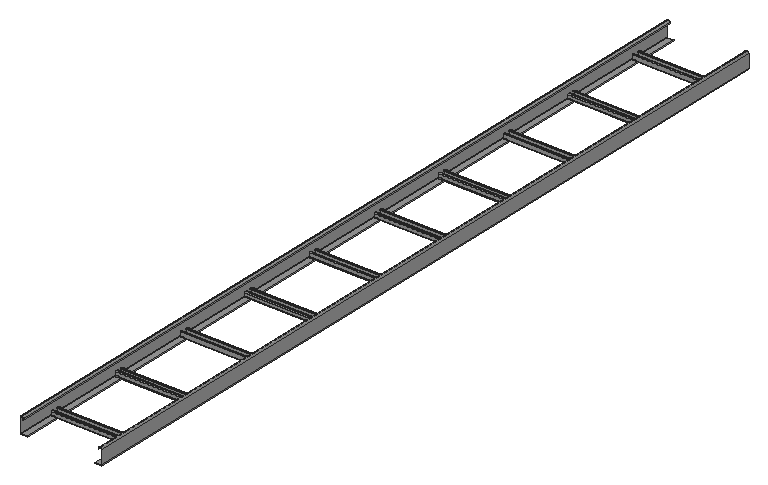
Revit family "LLIS 630 3 FS_FT Kabelleiter, gelocht", category Generic Models, Revit 2017
Family settings
  Can host rebar = No
  Round Connector Dimension = Use Diameter
  Part Type = Normal
  Work Plane-Based = No
  Always vertical = Yes
  Cut with Voids When Loaded = No
  Shared = No
  Room Calculation Point = No
Parameters (values of type "LLIS 630 3 FT")
  Width = 304.303 mm
  URL = "http://www.obo-bettermann.com"
  Material = Hot dip galvanised
  Manufacturer Art.No. = "6209572"
  Manufacturer = "OBO BETTERMANN"
  GTIN = "4012196773138"
  Cut's number 3 = 40
  Cut's number = 10
  Article Type = "LLIS 630 3 FT"
Types (3, lengths in mm): name | Width | Manufacturer Art.No. | GTIN | Article Type
  (no name) | 304.303 | "6209572" | "4012196773138" | "LLIS 630 3 FT"
  LLIS 630 3 FS | 303.977 | "6209552" | "4012196772599" | "LLIS 630 3 FS"
  LLIS 630 3 FT | 304.303 | "6209572" | "4012196773138" | "LLIS 630 3 FT"
Reference planes
  plane 1 "Center (Front/Back)": y = 0
  plane 2: z = 0
  plane 3 "Center (Left/Right)": x = 0
  plane 4: x = 200
  plane 5: z = 60
  plane 6: x = 12
  plane 7: x = 188
  plane 8: z = 51
  plane 9: z = 51
  plane 10: z = 55.5
  plane 11: z = 55.5
  plane 12: y = 3000
  plane 13: y = 150
  plane 14: y = 135
  plane 15: y = 165
  plane 16: z = 19
  plane 17: x = 196.902
  plane 18: x = 199
  plane 19: x = 199.967
  plane 20: x = 0
  plane 21: x = -104.335
  plane 22: x = -101.335
  plane 23: y = 450
  plane 24: y = 435
  plane 25: y = 465
  plane 26: z = 19
  plane 27: y = 750
  plane 28: y = 735
  plane 29: y = 765
  plane 30: z = 19
  plane 31: y = 1050
  plane 32: y = 1035
  plane 33: y = 1065
  plane 34: z = 19
  plane 35: y = 1350
  plane 36: y = 1335
  plane 37: y = 1365
  plane 38: z = 19
  plane 39: y = 1650
  plane 40: y = 1635
  plane 41: y = 1665
  plane 42: z = 19
  plane 43: y = 1950
  plane 44: y = 1935
  plane 45: y = 1965
  plane 46: z = 19
  plane 47: y = 2250
  plane 48: y = 2235
  plane 49: y = 2265
  plane 50: z = 19
  plane 51: y = 2550
  plane 52: y = 2535
  plane 53: y = 2565
  plane 54: z = 19
  plane 55: y = 2850
  plane 56: y = 2835
  plane 57: y = 2865
  plane 58: z = 19
Forms (mm)
  Extrusion 1, solid, material "Hot dip galvanised" <- "Material"
    sketch origin (0, 0, 0) x (1, 0, 0) y (0, 0, 1)
      loop
        line (-104.303, 54.006) -> (-104.303, 2)
        arc (-104.303, 2) -> (-103.717, 0.586) -> (-102.303, 0) r 2
        line (-102.303, 0) -> (-77.328, 0) -> (-77.328, 1) -> (-102.303, 1)
        arc (-102.303, 1) -> (-103.01, 1.293) -> (-103.303, 2) r 1
        line (-103.303, 2) -> (-103.303, 54.006)
        arc (-103.303, 54.006) -> (-98.303, 59.006) -> (-93.303, 54.006) r 5
        line (-93.303, 54.006) -> (-93.303, 51) -> (-92.303, 51) -> (-92.303, 54.006)
        arc (-92.303, 54.006) -> (-98.303, 60.006) -> (-104.303, 54.006) r 6
      loop
        line (200, 2) -> (200, 53.941)
        arc (200, 53.941) -> (194, 59.941) -> (188, 53.941) r 6
        line (188, 53.941) -> (188, 51) -> (189, 51) -> (189, 53.941)
        arc (189, 53.941) -> (194, 58.941) -> (199, 53.941) r 5
        line (199, 53.941) -> (199, 2)
        arc (199, 2) -> (198.707, 1.293) -> (198, 1) r 1
        line (198, 1) -> (172.972, 1) -> (172.972, 0) -> (198, 0)
        arc (198, 0) -> (199.414, 0.586) -> (200, 2) r 2
    from 0 to -3000
  Extrusion 2, solid, material "Hot dip galvanised" <- "Material"
    sketch origin (-0.065, 0, 0) x (0, 1, 0) y (0, 0, 1)
      loop
        line (137, 1) -> (163, 1)
        arc (163, 1) -> (164.414, 1.586) -> (165, 3) r 2
        line (165, 3) -> (165, 17)
        arc (165, 17) -> (164.414, 18.414) -> (163, 19) r 2
        line (163, 19) -> (158.5, 19) -> (158.5, 18) -> (163, 18)
        arc (163, 18) -> (163.707, 17.707) -> (164, 17) r 1
        line (164, 17) -> (164, 3)
        arc (164, 3) -> (163.707, 2.293) -> (163, 2) r 1
        line (163, 2) -> (137, 2)
        arc (137, 2) -> (136.293, 2.293) -> (136, 3) r 1
        line (136, 3) -> (136, 17)
        arc (136, 17) -> (136.293, 17.707) -> (137, 18) r 1
        line (137, 18) -> (141.517, 18) -> (141.517, 19) -> (137, 19)
        arc (137, 19) -> (135.586, 18.414) -> (135, 17) r 2
        line (135, 17) -> (135, 3)
        arc (135, 3) -> (135.586, 1.586) -> (137, 1) r 2
    from -97.033 to 196.967
  Extrusion 3, solid, material "Hot dip galvanised" <- "Material"
    sketch origin (-0.058, 300, 0) x (0, 1, 0) y (0, 0, 1)
      loop
        line (137, 1) -> (163, 1)
        arc (163, 1) -> (164.414, 1.586) -> (165, 3) r 2
        line (165, 3) -> (165, 17)
        arc (165, 17) -> (164.414, 18.414) -> (163, 19) r 2
        line (163, 19) -> (158.5, 19) -> (158.5, 18) -> (163, 18)
        arc (163, 18) -> (163.707, 17.707) -> (164, 17) r 1
        line (164, 17) -> (164, 3)
        arc (164, 3) -> (163.707, 2.293) -> (163, 2) r 1
        line (163, 2) -> (137, 2)
        arc (137, 2) -> (136.293, 2.293) -> (136, 3) r 1
        line (136, 3) -> (136, 17)
        arc (136, 17) -> (136.293, 17.707) -> (137, 18) r 1
        line (137, 18) -> (141.517, 18) -> (141.517, 19) -> (137, 19)
        arc (137, 19) -> (135.586, 18.414) -> (135, 17) r 2
        line (135, 17) -> (135, 3)
        arc (135, 3) -> (135.586, 1.586) -> (137, 1) r 2
    from -97.033 to 196.967
  Extrusion 4, solid, material "Hot dip galvanised" <- "Material"
    sketch origin (-0.051, 600, 0) x (0, 1, 0) y (0, 0, 1)
      loop
        line (137, 1) -> (163, 1)
        arc (163, 1) -> (164.414, 1.586) -> (165, 3) r 2
        line (165, 3) -> (165, 17)
        arc (165, 17) -> (164.414, 18.414) -> (163, 19) r 2
        line (163, 19) -> (158.5, 19) -> (158.5, 18) -> (163, 18)
        arc (163, 18) -> (163.707, 17.707) -> (164, 17) r 1
        line (164, 17) -> (164, 3)
        arc (164, 3) -> (163.707, 2.293) -> (163, 2) r 1
        line (163, 2) -> (137, 2)
        arc (137, 2) -> (136.293, 2.293) -> (136, 3) r 1
        line (136, 3) -> (136, 17)
        arc (136, 17) -> (136.293, 17.707) -> (137, 18) r 1
        line (137, 18) -> (141.517, 18) -> (141.517, 19) -> (137, 19)
        arc (137, 19) -> (135.586, 18.414) -> (135, 17) r 2
        line (135, 17) -> (135, 3)
        arc (135, 3) -> (135.586, 1.586) -> (137, 1) r 2
    from -97.033 to 196.967
  Extrusion 5, solid, material "Hot dip galvanised" <- "Material"
    sketch origin (-0.043, 900, 0) x (0, 1, 0) y (0, 0, 1)
      loop
        line (137, 1) -> (163, 1)
        arc (163, 1) -> (164.414, 1.586) -> (165, 3) r 2
        line (165, 3) -> (165, 17)
        arc (165, 17) -> (164.414, 18.414) -> (163, 19) r 2
        line (163, 19) -> (158.5, 19) -> (158.5, 18) -> (163, 18)
        arc (163, 18) -> (163.707, 17.707) -> (164, 17) r 1
        line (164, 17) -> (164, 3)
        arc (164, 3) -> (163.707, 2.293) -> (163, 2) r 1
        line (163, 2) -> (137, 2)
        arc (137, 2) -> (136.293, 2.293) -> (136, 3) r 1
        line (136, 3) -> (136, 17)
        arc (136, 17) -> (136.293, 17.707) -> (137, 18) r 1
        line (137, 18) -> (141.517, 18) -> (141.517, 19) -> (137, 19)
        arc (137, 19) -> (135.586, 18.414) -> (135, 17) r 2
        line (135, 17) -> (135, 3)
        arc (135, 3) -> (135.586, 1.586) -> (137, 1) r 2
    from -97.033 to 196.967
  Extrusion 6, solid, material "Hot dip galvanised" <- "Material"
    sketch origin (-0.036, 1200, 0) x (0, 1, 0) y (0, 0, 1)
      loop
        line (137, 1) -> (163, 1)
        arc (163, 1) -> (164.414, 1.586) -> (165, 3) r 2
        line (165, 3) -> (165, 17)
        arc (165, 17) -> (164.414, 18.414) -> (163, 19) r 2
        line (163, 19) -> (158.5, 19) -> (158.5, 18) -> (163, 18)
        arc (163, 18) -> (163.707, 17.707) -> (164, 17) r 1
        line (164, 17) -> (164, 3)
        arc (164, 3) -> (163.707, 2.293) -> (163, 2) r 1
        line (163, 2) -> (137, 2)
        arc (137, 2) -> (136.293, 2.293) -> (136, 3) r 1
        line (136, 3) -> (136, 17)
        arc (136, 17) -> (136.293, 17.707) -> (137, 18) r 1
        line (137, 18) -> (141.517, 18) -> (141.517, 19) -> (137, 19)
        arc (137, 19) -> (135.586, 18.414) -> (135, 17) r 2
        line (135, 17) -> (135, 3)
        arc (135, 3) -> (135.586, 1.586) -> (137, 1) r 2
    from -97.033 to 196.967
  Extrusion 7, solid, material "Hot dip galvanised" <- "Material"
    sketch origin (-0.029, 1500, 0) x (0, 1, 0) y (0, 0, 1)
      loop
        line (137, 1) -> (163, 1)
        arc (163, 1) -> (164.414, 1.586) -> (165, 3) r 2
        line (165, 3) -> (165, 17)
        arc (165, 17) -> (164.414, 18.414) -> (163, 19) r 2
        line (163, 19) -> (158.5, 19) -> (158.5, 18) -> (163, 18)
        arc (163, 18) -> (163.707, 17.707) -> (164, 17) r 1
        line (164, 17) -> (164, 3)
        arc (164, 3) -> (163.707, 2.293) -> (163, 2) r 1
        line (163, 2) -> (137, 2)
        arc (137, 2) -> (136.293, 2.293) -> (136, 3) r 1
        line (136, 3) -> (136, 17)
        arc (136, 17) -> (136.293, 17.707) -> (137, 18) r 1
        line (137, 18) -> (141.517, 18) -> (141.517, 19) -> (137, 19)
        arc (137, 19) -> (135.586, 18.414) -> (135, 17) r 2
        line (135, 17) -> (135, 3)
        arc (135, 3) -> (135.586, 1.586) -> (137, 1) r 2
    from -97.033 to 196.967
  Extrusion 8, solid, material "Hot dip galvanised" <- "Material"
    sketch origin (-0.022, 1800, 0) x (0, 1, 0) y (0, 0, 1)
      loop
        line (137, 1) -> (163, 1)
        arc (163, 1) -> (164.414, 1.586) -> (165, 3) r 2
        line (165, 3) -> (165, 17)
        arc (165, 17) -> (164.414, 18.414) -> (163, 19) r 2
        line (163, 19) -> (158.5, 19) -> (158.5, 18) -> (163, 18)
        arc (163, 18) -> (163.707, 17.707) -> (164, 17) r 1
        line (164, 17) -> (164, 3)
        arc (164, 3) -> (163.707, 2.293) -> (163, 2) r 1
        line (163, 2) -> (137, 2)
        arc (137, 2) -> (136.293, 2.293) -> (136, 3) r 1
        line (136, 3) -> (136, 17)
        arc (136, 17) -> (136.293, 17.707) -> (137, 18) r 1
        line (137, 18) -> (141.517, 18) -> (141.517, 19) -> (137, 19)
        arc (137, 19) -> (135.586, 18.414) -> (135, 17) r 2
        line (135, 17) -> (135, 3)
        arc (135, 3) -> (135.586, 1.586) -> (137, 1) r 2
    from -97.033 to 196.967
  Extrusion 9, solid, material "Hot dip galvanised" <- "Material"
    sketch origin (-0.014, 2100, 0) x (0, 1, 0) y (0, 0, 1)
      loop
        line (137, 1) -> (163, 1)
        arc (163, 1) -> (164.414, 1.586) -> (165, 3) r 2
        line (165, 3) -> (165, 17)
        arc (165, 17) -> (164.414, 18.414) -> (163, 19) r 2
        line (163, 19) -> (158.5, 19) -> (158.5, 18) -> (163, 18)
        arc (163, 18) -> (163.707, 17.707) -> (164, 17) r 1
        line (164, 17) -> (164, 3)
        arc (164, 3) -> (163.707, 2.293) -> (163, 2) r 1
        line (163, 2) -> (137, 2)
        arc (137, 2) -> (136.293, 2.293) -> (136, 3) r 1
        line (136, 3) -> (136, 17)
        arc (136, 17) -> (136.293, 17.707) -> (137, 18) r 1
        line (137, 18) -> (141.517, 18) -> (141.517, 19) -> (137, 19)
        arc (137, 19) -> (135.586, 18.414) -> (135, 17) r 2
        line (135, 17) -> (135, 3)
        arc (135, 3) -> (135.586, 1.586) -> (137, 1) r 2
    from -97.033 to 196.967
  Extrusion 10, solid, material "Hot dip galvanised" <- "Material"
    sketch origin (-0.007, 2400, 0) x (0, 1, 0) y (0, 0, 1)
      loop
        line (137, 1) -> (163, 1)
        arc (163, 1) -> (164.414, 1.586) -> (165, 3) r 2
        line (165, 3) -> (165, 17)
        arc (165, 17) -> (164.414, 18.414) -> (163, 19) r 2
        line (163, 19) -> (158.5, 19) -> (158.5, 18) -> (163, 18)
        arc (163, 18) -> (163.707, 17.707) -> (164, 17) r 1
        line (164, 17) -> (164, 3)
        arc (164, 3) -> (163.707, 2.293) -> (163, 2) r 1
        line (163, 2) -> (137, 2)
        arc (137, 2) -> (136.293, 2.293) -> (136, 3) r 1
        line (136, 3) -> (136, 17)
        arc (136, 17) -> (136.293, 17.707) -> (137, 18) r 1
        line (137, 18) -> (141.517, 18) -> (141.517, 19) -> (137, 19)
        arc (137, 19) -> (135.586, 18.414) -> (135, 17) r 2
        line (135, 17) -> (135, 3)
        arc (135, 3) -> (135.586, 1.586) -> (137, 1) r 2
    from -97.033 to 196.967
  Extrusion 11, solid, material "Hot dip galvanised" <- "Material"
    sketch origin (0, 2700, 0) x (0, 1, 0) y (0, 0, 1)
      loop
        line (137, 1) -> (163, 1)
        arc (163, 1) -> (164.414, 1.586) -> (165, 3) r 2
        line (165, 3) -> (165, 17)
        arc (165, 17) -> (164.414, 18.414) -> (163, 19) r 2
        line (163, 19) -> (158.5, 19) -> (158.5, 18) -> (163, 18)
        arc (163, 18) -> (163.707, 17.707) -> (164, 17) r 1
        line (164, 17) -> (164, 3)
        arc (164, 3) -> (163.707, 2.293) -> (163, 2) r 1
        line (163, 2) -> (137, 2)
        arc (137, 2) -> (136.293, 2.293) -> (136, 3) r 1
        line (136, 3) -> (136, 17)
        arc (136, 17) -> (136.293, 17.707) -> (137, 18) r 1
        line (137, 18) -> (141.517, 18) -> (141.517, 19) -> (137, 19)
        arc (137, 19) -> (135.586, 18.414) -> (135, 17) r 2
        line (135, 17) -> (135, 3)
        arc (135, 3) -> (135.586, 1.586) -> (137, 1) r 2
    from -97.033 to 196.967
Dimensions and locks
  locked: Extrusion 1 sketch curve to Extrusion 1 sketch curve at 1  (x4)
  locked: Extrusion 1 sketch curve to Extrusion 1 sketch curve at 12  (x2)
  locked: Extrusion 1 sketch curve to Extrusion 1 sketch curve at 8.941
  Extrusion 1 sketch curve to Extrusion 1 sketch curve = 10 mm
  locked: Extrusion 1 sketch curve to Extrusion 1 sketch curve at 10
  locked: Extrusion 1 sketch curve to Extrusion 1 sketch curve at 51  (x2)
  "Width": Extrusion 1 to Extrusion 1
  Extrusion 1 sketch curve to Extrusion 1 sketch curve = 12 mm
  locked: Extrusion 1 sketch curve to Extrusion 1 sketch curve at 26.975
  locked: plane 1 "Center (Front/Back)" to plane 12 at 3000
  locked: Extrusion 1 to plane 19 at 11.967
  locked: plane 17 to plane 19 at 3
  Extrusion 2 to Extrusion 2 = 294 mm
  locked: plane 21 to Extrusion 1 at 11
  locked: plane 21 to plane 22 at 3
  "Width": plane 21 to plane 19
  aligned and locked: level to plane 2
  aligned and locked: plane 8 to Extrusion 1 sketch curve
  aligned and locked: plane 11 to plane 10
  aligned and locked: plane 9 to Extrusion 1 sketch curve
  aligned and locked: plane 12 to Extrusion 1
  aligned and locked: plane 17 to Extrusion 2
  aligned and locked: plane 3 "Center (Left/Right)" to plane 20
Automatic sketch dimensions
  Extrusion 1 sketch curve to Extrusion 1 sketch curve = 0 mm  (x5)
  Extrusion 1 sketch curve to plane 7 = 0 mm
  Extrusion 1 sketch curve to plane 10 = 1.494 mm
  Extrusion 1 sketch curve to Extrusion 1 sketch curve = 1 mm  (x2)
  Extrusion 1 sketch curve to plane 7 = 15.028 mm
  Extrusion 1 sketch curve to plane 3 "Center (Left/Right)" = 104.303 mm
  Extrusion 2 sketch curve to Extrusion 2 sketch curve = 0 mm  (x9)
  Extrusion 2 sketch curve to plane 14 = 0 mm
  Extrusion 2 sketch curve to plane 16 = 0 mm  (x2)
  Extrusion 2 sketch curve to plane 15 = 0 mm
  plane 14 to Extrusion 2 sketch curve = 1 mm
  plane 14 to Extrusion 2 sketch curve = 2 mm
  Extrusion 2 sketch curve to Extrusion 2 sketch curve = 1 mm  (x3)
  Extrusion 2 sketch curve to Extrusion 2 sketch curve = 4.517 mm
  Extrusion 2 sketch curve to Extrusion 2 sketch curve = 5.5 mm
  Extrusion 2 sketch curve to Extrusion 2 sketch curve = 14 mm
  Extrusion 3 sketch curve to Extrusion 3 sketch curve = 0 mm  (x9)
  Extrusion 3 sketch curve to plane 24 = 0 mm
  Extrusion 3 sketch curve to plane 26 = 0 mm  (x2)
  Extrusion 3 sketch curve to plane 25 = 0 mm
  plane 24 to Extrusion 3 sketch curve = 1 mm
  plane 24 to Extrusion 3 sketch curve = 2 mm
  Extrusion 3 sketch curve to Extrusion 3 sketch curve = 1 mm  (x3)
  Extrusion 3 sketch curve to Extrusion 3 sketch curve = 4.517 mm
  Extrusion 3 sketch curve to Extrusion 3 sketch curve = 5.5 mm
  Extrusion 3 sketch curve to Extrusion 3 sketch curve = 14 mm
  Extrusion 4 sketch curve to Extrusion 4 sketch curve = 0 mm  (x9)
  Extrusion 4 sketch curve to plane 28 = 0 mm
  Extrusion 4 sketch curve to plane 30 = 0 mm  (x2)
  Extrusion 4 sketch curve to plane 29 = 0 mm
  plane 28 to Extrusion 4 sketch curve = 1 mm
  plane 28 to Extrusion 4 sketch curve = 2 mm
  Extrusion 4 sketch curve to Extrusion 4 sketch curve = 1 mm  (x3)
  Extrusion 4 sketch curve to Extrusion 4 sketch curve = 4.517 mm
  Extrusion 4 sketch curve to Extrusion 4 sketch curve = 5.5 mm
  Extrusion 4 sketch curve to Extrusion 4 sketch curve = 14 mm
  Extrusion 5 sketch curve to Extrusion 5 sketch curve = 0 mm  (x9)
  Extrusion 5 sketch curve to plane 32 = 0 mm
  Extrusion 5 sketch curve to plane 34 = 0 mm  (x2)
  Extrusion 5 sketch curve to plane 33 = 0 mm
  plane 32 to Extrusion 5 sketch curve = 1 mm
  plane 32 to Extrusion 5 sketch curve = 2 mm
  Extrusion 5 sketch curve to Extrusion 5 sketch curve = 1 mm  (x3)
  Extrusion 5 sketch curve to Extrusion 5 sketch curve = 4.517 mm
  Extrusion 5 sketch curve to Extrusion 5 sketch curve = 5.5 mm
  Extrusion 5 sketch curve to Extrusion 5 sketch curve = 14 mm
  Extrusion 6 sketch curve to Extrusion 6 sketch curve = 0 mm  (x9)
  Extrusion 6 sketch curve to plane 36 = 0 mm
  Extrusion 6 sketch curve to plane 38 = 0 mm  (x2)
  Extrusion 6 sketch curve to plane 37 = 0 mm
  plane 36 to Extrusion 6 sketch curve = 1 mm
  plane 36 to Extrusion 6 sketch curve = 2 mm
  Extrusion 6 sketch curve to Extrusion 6 sketch curve = 1 mm  (x3)
  Extrusion 6 sketch curve to Extrusion 6 sketch curve = 4.517 mm
  Extrusion 6 sketch curve to Extrusion 6 sketch curve = 5.5 mm
  Extrusion 6 sketch curve to Extrusion 6 sketch curve = 14 mm
  Extrusion 7 sketch curve to Extrusion 7 sketch curve = 0 mm  (x9)
  Extrusion 7 sketch curve to plane 40 = 0 mm
  Extrusion 7 sketch curve to plane 42 = 0 mm  (x2)
  Extrusion 7 sketch curve to plane 41 = 0 mm
  plane 40 to Extrusion 7 sketch curve = 1 mm
  plane 40 to Extrusion 7 sketch curve = 2 mm
  Extrusion 7 sketch curve to Extrusion 7 sketch curve = 1 mm  (x3)
  Extrusion 7 sketch curve to Extrusion 7 sketch curve = 4.517 mm
  Extrusion 7 sketch curve to Extrusion 7 sketch curve = 5.5 mm
  Extrusion 7 sketch curve to Extrusion 7 sketch curve = 14 mm
  Extrusion 8 sketch curve to Extrusion 8 sketch curve = 0 mm  (x9)
  Extrusion 8 sketch curve to plane 44 = 0 mm
  Extrusion 8 sketch curve to plane 46 = 0 mm  (x2)
  Extrusion 8 sketch curve to plane 45 = 0 mm
  plane 44 to Extrusion 8 sketch curve = 1 mm
  plane 44 to Extrusion 8 sketch curve = 2 mm
  Extrusion 8 sketch curve to Extrusion 8 sketch curve = 1 mm  (x3)
  Extrusion 8 sketch curve to Extrusion 8 sketch curve = 4.517 mm
  Extrusion 8 sketch curve to Extrusion 8 sketch curve = 5.5 mm
  Extrusion 8 sketch curve to Extrusion 8 sketch curve = 14 mm
  Extrusion 9 sketch curve to Extrusion 9 sketch curve = 0 mm  (x9)
  Extrusion 9 sketch curve to plane 48 = 0 mm
  Extrusion 9 sketch curve to plane 50 = 0 mm  (x2)
  Extrusion 9 sketch curve to plane 49 = 0 mm
  plane 48 to Extrusion 9 sketch curve = 1 mm
  plane 48 to Extrusion 9 sketch curve = 2 mm
  Extrusion 9 sketch curve to Extrusion 9 sketch curve = 1 mm  (x3)
  Extrusion 9 sketch curve to Extrusion 9 sketch curve = 4.517 mm
  Extrusion 9 sketch curve to Extrusion 9 sketch curve = 5.5 mm
  Extrusion 9 sketch curve to Extrusion 9 sketch curve = 14 mm
  Extrusion 10 sketch curve to Extrusion 10 sketch curve = 0 mm  (x9)
  Extrusion 10 sketch curve to plane 52 = 0 mm
  Extrusion 10 sketch curve to plane 54 = 0 mm  (x2)
  Extrusion 10 sketch curve to plane 53 = 0 mm
  plane 52 to Extrusion 10 sketch curve = 1 mm
  plane 52 to Extrusion 10 sketch curve = 2 mm
  Extrusion 10 sketch curve to Extrusion 10 sketch curve = 1 mm  (x3)
  Extrusion 10 sketch curve to Extrusion 10 sketch curve = 4.517 mm
  Extrusion 10 sketch curve to Extrusion 10 sketch curve = 5.5 mm
  Extrusion 10 sketch curve to Extrusion 10 sketch curve = 14 mm
  Extrusion 11 sketch curve to Extrusion 11 sketch curve = 0 mm  (x9)
  Extrusion 11 sketch curve to plane 56 = 0 mm
  Extrusion 11 sketch curve to plane 58 = 0 mm  (x2)
  Extrusion 11 sketch curve to plane 57 = 0 mm
  plane 56 to Extrusion 11 sketch curve = 1 mm
  plane 56 to Extrusion 11 sketch curve = 2 mm
  Extrusion 11 sketch curve to Extrusion 11 sketch curve = 1 mm  (x3)
  Extrusion 11 sketch curve to Extrusion 11 sketch curve = 4.517 mm
  Extrusion 11 sketch curve to Extrusion 11 sketch curve = 5.5 mm
  Extrusion 11 sketch curve to Extrusion 11 sketch curve = 14 mm
